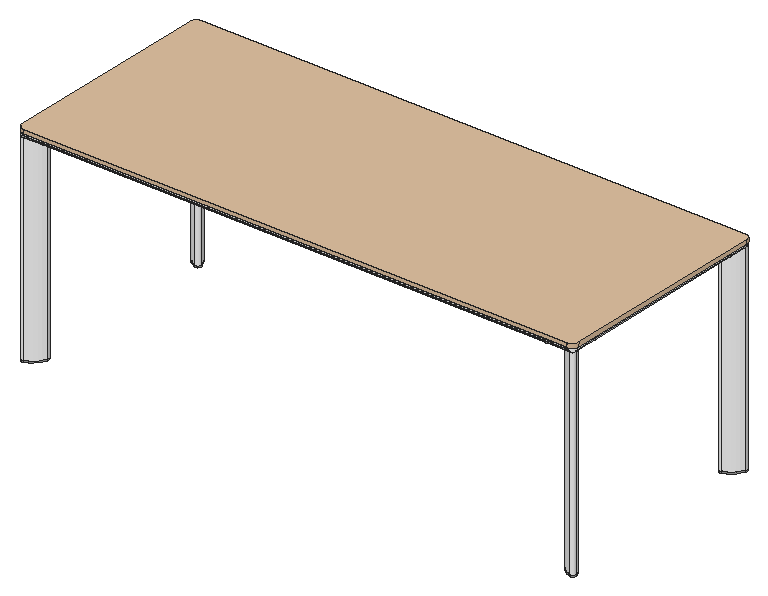
Revit family "FU_Table_Sandler_Laminar 0820", category Furniture, Revit 2020
Family settings
  OmniClass Number = 23.40.20.00
  OmniClass Title = General Furniture and Specialties
  Work Plane-Based = No
  Always vertical = Yes
  Cut with Voids When Loaded = No
  Shared = No
  Room Calculation Point = No
Parameters (values of type "Laminar 0820 (Dining Height)")
  Width = 2000 mm
  URL = "https://www.sandlerseating.com/product/laminar-0820/"
  Top [instance] = Wood - Oak - Natural - V
  Model = "Laminar 0820"
  Manufacturer = "Sandler"
  Height = 750 mm
  Frame [instance] = Lacquer - W1 - W01 White
  Description = "200cm x 80cm / 79″ x 32″ table on epoxy painted frame."
  Depth = 800 mm
  Default Elevation = 0 mm
Types (4, lengths in mm): name | Top | Height | Frame
  (no name) | Wood - Oak - Natural - V | 750 | Lacquer - W1 - W01 White
  Laminar 0820 (Dining Height) | Wood - Oak - Natural - V | 750 | Lacquer - W1 - W01 White
  Laminar 0820 (Counter Height) | Wood - Black Walnut | 900 | Epoxy - M2_V16
  Laminar 0820 (Bar Height) | HPL - Solid - White | 1050 | Epoxy - M1_B00 - Black
Reference planes
  plane 1 "Center (Front/Back)": y = 0
  plane 2: z = 0
  plane 3 "Center (Left/Right)": x = 0
  plane 4 "Right": x = -1000
  plane 5 "Left": x = 1000
  plane 6 "Back": y = 400
  plane 7 "Front": y = -400
  plane 8 "Height": z = 750
  plane 9 "Top Frame Base": z = 737
  plane 10 "Frame Edge Right TOP": x = -905
  plane 11 "Frame Edge Left TOP": x = 905
  plane 12 "Frame Edge Front TOP": y = -305
  plane 13 "Frame Edge Back TOP": y = 305
  plane 14 "Right Leg C TOP": x = -962.984
  plane 15 "Back Leg C TOP": y = 362.984
  plane 16 "Front Leg C TOP": y = -362.984
  plane 17 "Left C TOP": x = 962.984
  plane 18 "Glide Height": z = 6
  plane 19 "Frame Base FRONT": z = 696.108
Forms (mm)
  Extrusion 1, solid, material "Wood - Oak - Natural - V" <- "Top"
    sketch origin (0, 0, 750) x (-1, 0, 0) y (0, -1, 0)
      loop
        arc (975, -400) -> (992.678, -392.678) -> (1000, -375) r 25
        line (1000, -375) -> (1000, 375)
        arc (1000, 375) -> (992.678, 392.678) -> (975, 400) r 25
        line (975, 400) -> (-975, 400)
        arc (-975, 400) -> (-992.678, 392.678) -> (-1000, 375) r 25
        line (-1000, 375) -> (-1000, -375)
        arc (-1000, -375) -> (-992.678, -392.678) -> (-975, -400) r 25
        line (-975, -400) -> (975, -400)
    from 0 to -13
  Sweep 2, solid, material "Lacquer - W1 - W01 White" <- "Frame"
    path origin (0, 0, 737) x (-1, 0, 0) y (0, -1, 0)
      loop
        line (-905, 400) -> (905, 400)
    profile "Pro_Laminar_Frame : Pro_Laminar_Frame" origin (0, -400, 737) x (0, -1, 0) y (0, 0, 1)
      loop
        arc (-78.25, 0) -> (-78.959, -0.294) -> (-79.252, -1.003) r 1.003
        line (-79.252, -1.003) -> (-79.252, -40.038)
        arc (-79.252, -40.038) -> (-78.971, -40.718) -> (-78.29, -41) r 0.962
        line (-78.29, -41) -> (-56.47, -41)
        arc (-56.47, -41) -> (-49.536, -40.019) -> (-43.146, -37.154) r 25
        line (-43.146, -37.154) -> (-3.835, -12.393)
        arc (-3.835, -12.393) -> (-2.123, -10.579) -> (-1.5, -8.162) r 5
        line (-1.5, -8.162) -> (-1.5, -0.534)
        arc (-1.5, -0.534) -> (-1.656, -0.156) -> (-2.034, 0) r 0.534
        line (-2.034, 0) -> (-78.25, 0)
  Sweep 3, solid, material "Lacquer - W1 - W01 White" <- "Frame"
    path origin (0, 0, 737) x (-1, 0, 0) y (0, -1, 0)
      loop
        line (1000, 305) -> (1000, -305)
    profile "Pro_Laminar_Frame : Pro_Laminar_Frame" origin (-1000, 0, 737) x (-1, 0, 0) y (0, 0, 1)
      loop
        arc (-78.25, 0) -> (-78.959, -0.294) -> (-79.252, -1.003) r 1.003
        line (-79.252, -1.003) -> (-79.252, -40.038)
        arc (-79.252, -40.038) -> (-78.971, -40.718) -> (-78.29, -41) r 0.962
        line (-78.29, -41) -> (-56.47, -41)
        arc (-56.47, -41) -> (-49.536, -40.019) -> (-43.146, -37.154) r 25
        line (-43.146, -37.154) -> (-3.835, -12.393)
        arc (-3.835, -12.393) -> (-2.123, -10.579) -> (-1.5, -8.162) r 5
        line (-1.5, -8.162) -> (-1.5, -0.534)
        arc (-1.5, -0.534) -> (-1.656, -0.156) -> (-2.034, 0) r 0.534
        line (-2.034, 0) -> (-78.25, 0)
  Sweep 4, solid, material "Lacquer - W1 - W01 White" <- "Frame"
    path origin (0, 0, 737) x (-1, 0, 0) y (0, -1, 0)
      loop
        line (905, -400) -> (-905, -400)
    profile "Pro_Laminar_Frame : Pro_Laminar_Frame" origin (0, 400, 737) x (0, 1, 0) y (0, 0, 1)
      loop
        arc (-78.25, 0) -> (-78.959, -0.294) -> (-79.252, -1.003) r 1.003
        line (-79.252, -1.003) -> (-79.252, -40.038)
        arc (-79.252, -40.038) -> (-78.971, -40.718) -> (-78.29, -41) r 0.962
        line (-78.29, -41) -> (-56.47, -41)
        arc (-56.47, -41) -> (-49.536, -40.019) -> (-43.146, -37.154) r 25
        line (-43.146, -37.154) -> (-3.835, -12.393)
        arc (-3.835, -12.393) -> (-2.123, -10.579) -> (-1.5, -8.162) r 5
        line (-1.5, -8.162) -> (-1.5, -0.534)
        arc (-1.5, -0.534) -> (-1.656, -0.156) -> (-2.034, 0) r 0.534
        line (-2.034, 0) -> (-78.25, 0)
  Sweep 5, solid, material "Lacquer - W1 - W01 White" <- "Frame"
    path origin (0, 0, 737) x (-1, 0, 0) y (0, -1, 0)
      loop
        line (-1000, 305) -> (-1000, -305)
    profile "Pro_Laminar_Frame : Pro_Laminar_Frame" origin (1000, 0, 737) x (-1, 0, 0) y (0, 0, 1)
      loop
        line (78.25, 0) -> (2.034, 0)
        arc (2.034, 0) -> (1.656, -0.156) -> (1.5, -0.534) r 0.534
        line (1.5, -0.534) -> (1.5, -8.162)
        arc (1.5, -8.162) -> (2.123, -10.579) -> (3.835, -12.393) r 5
        line (3.835, -12.393) -> (43.146, -37.154)
        arc (43.146, -37.154) -> (49.536, -40.019) -> (56.47, -41) r 25
        line (56.47, -41) -> (78.29, -41)
        arc (78.29, -41) -> (78.971, -40.718) -> (79.252, -40.038) r 0.962
        line (79.252, -40.038) -> (79.252, -1.003)
        arc (79.252, -1.003) -> (78.959, -0.294) -> (78.25, 0) r 1.003
  Sweep 6, solid, material "Lacquer - W1 - W01 White" <- "Frame"
    path origin (0, 362.984, 0) x (1, 0, 0) y (0, 0, 1)
      loop
        line (-962.984, 6) -> (-962.984, 737)
    profile "Pro_Laminar_Leg : Pro_Laminar_Leg" origin (-962.984, 362.984, 371.5) x (-1, 0, 0) y (0, -1, 0)
      loop
        arc (-16.792, 30.86) -> (-28.302, 28.302) -> (-30.86, 16.792) r 10.982
        arc (-30.86, 16.792) -> (-12.33, -12.33) -> (16.792, -30.86) r 79.547
        arc (16.792, -30.86) -> (28.302, -28.302) -> (30.86, -16.792) r 10.982
        arc (30.86, -16.792) -> (12.33, 12.33) -> (-16.792, 30.86) r 79.547
  Sweep 7, solid, material "Lacquer - W1 - W01 White" <- "Frame"
    path origin (0, -362.984, 0) x (1, 0, 0) y (0, 0, 1)
      loop
        line (-962.984, 6) -> (-962.984, 737)
    profile "Pro_Laminar_Leg : Pro_Laminar_Leg" origin (-962.984, -362.984, 371.5) x (-1, 0, 0) y (0, -1, 0)
      loop
        arc (-30.86, -16.792) -> (-28.302, -28.302) -> (-16.792, -30.86) r 10.982
        arc (-16.792, -30.86) -> (12.33, -12.33) -> (30.86, 16.792) r 79.547
        arc (30.86, 16.792) -> (28.302, 28.302) -> (16.792, 30.86) r 10.982
        arc (16.792, 30.86) -> (-12.33, 12.33) -> (-30.86, -16.792) r 79.547
  Sweep 8, solid, material "Lacquer - W1 - W01 White" <- "Frame"
    path origin (0, -362.984, 0) x (1, 0, 0) y (0, 0, 1)
      loop
        line (962.984, 6) -> (962.984, 737)
    profile "Pro_Laminar_Leg : Pro_Laminar_Leg" origin (962.984, -362.984, 371.5) x (-1, 0, 0) y (0, -1, 0)
      loop
        arc (-16.792, 30.86) -> (-28.302, 28.302) -> (-30.86, 16.792) r 10.982
        arc (-30.86, 16.792) -> (-12.33, -12.33) -> (16.792, -30.86) r 79.547
        arc (16.792, -30.86) -> (28.302, -28.302) -> (30.86, -16.792) r 10.982
        arc (30.86, -16.792) -> (12.33, 12.33) -> (-16.792, 30.86) r 79.547
  Sweep 9, solid, material "Lacquer - W1 - W01 White" <- "Frame"
    path origin (0, 362.984, 0) x (1, 0, 0) y (0, 0, 1)
      loop
        line (962.984, 6) -> (962.984, 737)
    profile "Pro_Laminar_Leg : Pro_Laminar_Leg" origin (962.984, 362.984, 371.5) x (-1, 0, 0) y (0, -1, 0)
      loop
        arc (-30.86, -16.792) -> (-28.302, -28.302) -> (-16.792, -30.86) r 10.982
        arc (-16.792, -30.86) -> (12.33, -12.33) -> (30.86, 16.792) r 79.547
        arc (30.86, 16.792) -> (28.302, 28.302) -> (16.792, 30.86) r 10.982
        arc (16.792, 30.86) -> (-12.33, 12.33) -> (-30.86, -16.792) r 79.547
  Sweep 10, solid, material "Rubber, Black"
    path origin (0, 362.984, 0) x (1, 0, 0) y (0, 0, 1)
      loop
        line (962.984, 0) -> (962.984, 6)
    profile "Pro_Laminar_Leg : Pro_Laminar_Leg" origin (962.984, 362.984, 3) x (-1, 0, 0) y (0, -1, 0)
      loop
        arc (-30.86, -16.792) -> (-28.302, -28.302) -> (-16.792, -30.86) r 10.982
        arc (-16.792, -30.86) -> (12.33, -12.33) -> (30.86, 16.792) r 79.547
        arc (30.86, 16.792) -> (28.302, 28.302) -> (16.792, 30.86) r 10.982
        arc (16.792, 30.86) -> (-12.33, 12.33) -> (-30.86, -16.792) r 79.547
  Sweep 11, solid, material "Rubber, Black"
    path origin (0, 362.984, 0) x (1, 0, 0) y (0, 0, 1)
      loop
        line (-962.984, 0) -> (-962.984, 6)
    profile "Pro_Laminar_Leg : Pro_Laminar_Leg" origin (-962.984, 362.984, 3) x (-1, 0, 0) y (0, -1, 0)
      loop
        arc (-16.792, 30.86) -> (-28.302, 28.302) -> (-30.86, 16.792) r 10.982
        arc (-30.86, 16.792) -> (-12.33, -12.33) -> (16.792, -30.86) r 79.547
        arc (16.792, -30.86) -> (28.302, -28.302) -> (30.86, -16.792) r 10.982
        arc (30.86, -16.792) -> (12.33, 12.33) -> (-16.792, 30.86) r 79.547
  Sweep 12, solid, material "Rubber, Black"
    path origin (0, -362.984, 0) x (1, 0, 0) y (0, 0, 1)
      loop
        line (-962.984, 0) -> (-962.984, 6)
    profile "Pro_Laminar_Leg : Pro_Laminar_Leg" origin (-962.984, -362.984, 3) x (-1, 0, 0) y (0, -1, 0)
      loop
        arc (-30.86, -16.792) -> (-28.302, -28.302) -> (-16.792, -30.86) r 10.982
        arc (-16.792, -30.86) -> (12.33, -12.33) -> (30.86, 16.792) r 79.547
        arc (30.86, 16.792) -> (28.302, 28.302) -> (16.792, 30.86) r 10.982
        arc (16.792, 30.86) -> (-12.33, 12.33) -> (-30.86, -16.792) r 79.547
  Sweep 13, solid, material "Rubber, Black"
    path origin (0, -362.984, 0) x (1, 0, 0) y (0, 0, 1)
      loop
        line (962.984, 0) -> (962.984, 6)
    profile "Pro_Laminar_Leg : Pro_Laminar_Leg" origin (962.984, -362.984, 3) x (-1, 0, 0) y (0, -1, 0)
      loop
        arc (-16.792, 30.86) -> (-28.302, 28.302) -> (-30.86, 16.792) r 10.982
        arc (-30.86, 16.792) -> (-12.33, -12.33) -> (16.792, -30.86) r 79.547
        arc (16.792, -30.86) -> (28.302, -28.302) -> (30.86, -16.792) r 10.982
        arc (30.86, -16.792) -> (12.33, 12.33) -> (-16.792, 30.86) r 79.547
  Sweep 14, solid, material "Lacquer - W1 - W01 White" <- "Frame"
    path origin (0, 0, 737) x (-1, 0, 0) y (0, -1, 0)
      loop
        line (-905, 398.5) -> (-998.5, 398.5) -> (-998.5, 305)
    profile "Pro_Laminar_Frame : Pro_Laminar_Frame" origin (951.75, -398.5, 737) x (0, 1, 0) y (0, 0, 1)
      loop
        line (76.75, 0) -> (0.534, 0)
        arc (0.534, 0) -> (0.156, -0.156) -> (0, -0.534) r 0.534
        line (0, -0.534) -> (0, -8.162)
        arc (0, -8.162) -> (0.623, -10.579) -> (2.335, -12.393) r 5
        line (2.335, -12.393) -> (41.646, -37.154)
        arc (41.646, -37.154) -> (48.036, -40.019) -> (54.97, -41) r 25
        line (54.97, -41) -> (76.79, -41)
        arc (76.79, -41) -> (77.471, -40.718) -> (77.752, -40.038) r 0.962
        line (77.752, -40.038) -> (77.752, -1.003)
        arc (77.752, -1.003) -> (77.459, -0.294) -> (76.75, 0) r 1.003
  Extrusion 15, void
    sketch origin (0, 0, 737) x (-1, 0, 0) y (0, -1, 0)
      loop
        line (-974.12, 399.12) -> (-974.12, 414.12) -> (-1014.12, 414.12) -> (-1014.12, 374.12) -> (-999.12, 374.12)
        arc (-999.12, 374.12) -> (-991.798, 391.798) -> (-974.12, 399.12) r 25
    from -40.892 to 13
  Sweep 16, solid, material "Lacquer - W1 - W01 White" <- "Frame"
    path origin (0, 0, 737) x (1, 0, 0) y (0, -1, 0)
      loop
        line (-905, 398.5) -> (-998.5, 398.5) -> (-998.5, 305)
    profile "Pro_Laminar_Frame : Pro_Laminar_Frame" origin (-951.75, -398.5, 737) x (0, -1, 0) y (0, 0, 1)
      loop
        arc (-76.75, 0) -> (-77.459, -0.294) -> (-77.752, -1.003) r 1.003
        line (-77.752, -1.003) -> (-77.752, -40.038)
        arc (-77.752, -40.038) -> (-77.471, -40.718) -> (-76.79, -41) r 0.962
        line (-76.79, -41) -> (-54.97, -41)
        arc (-54.97, -41) -> (-48.036, -40.019) -> (-41.646, -37.154) r 25
        line (-41.646, -37.154) -> (-2.335, -12.393)
        arc (-2.335, -12.393) -> (-0.623, -10.579) -> (0, -8.162) r 5
        line (0, -8.162) -> (0, -0.534)
        arc (0, -0.534) -> (-0.156, -0.156) -> (-0.534, 0) r 0.534
        line (-0.534, 0) -> (-76.75, 0)
  Sweep 17, solid, material "Lacquer - W1 - W01 White" <- "Frame"
    path origin (0, 0, 737) x (1, 0, 0) y (0, 1, 0)
      loop
        line (-905, 398.5) -> (-998.5, 398.5) -> (-998.5, 305)
    profile "Pro_Laminar_Frame : Pro_Laminar_Frame" origin (-951.75, 398.5, 737) x (0, -1, 0) y (0, 0, 1)
      loop
        line (76.75, 0) -> (0.534, 0)
        arc (0.534, 0) -> (0.156, -0.156) -> (0, -0.534) r 0.534
        line (0, -0.534) -> (0, -8.162)
        arc (0, -8.162) -> (0.623, -10.579) -> (2.335, -12.393) r 5
        line (2.335, -12.393) -> (41.646, -37.154)
        arc (41.646, -37.154) -> (48.036, -40.019) -> (54.97, -41) r 25
        line (54.97, -41) -> (76.79, -41)
        arc (76.79, -41) -> (77.471, -40.718) -> (77.752, -40.038) r 0.962
        line (77.752, -40.038) -> (77.752, -1.003)
        arc (77.752, -1.003) -> (77.459, -0.294) -> (76.75, 0) r 1.003
  Sweep 18, solid, material "Lacquer - W1 - W01 White" <- "Frame"
    path origin (0, 0, 737) x (-1, 0, 0) y (0, 1, 0)
      loop
        line (-905, 398.5) -> (-998.5, 398.5) -> (-998.5, 305)
    profile "Pro_Laminar_Frame : Pro_Laminar_Frame" origin (951.75, 398.5, 737) x (0, 1, 0) y (0, 0, 1)
      loop
        arc (-76.75, 0) -> (-77.459, -0.294) -> (-77.752, -1.003) r 1.003
        line (-77.752, -1.003) -> (-77.752, -40.038)
        arc (-77.752, -40.038) -> (-77.471, -40.718) -> (-76.79, -41) r 0.962
        line (-76.79, -41) -> (-54.97, -41)
        arc (-54.97, -41) -> (-48.036, -40.019) -> (-41.646, -37.154) r 25
        line (-41.646, -37.154) -> (-2.335, -12.393)
        arc (-2.335, -12.393) -> (-0.623, -10.579) -> (0, -8.162) r 5
        line (0, -8.162) -> (0, -0.534)
        arc (0, -0.534) -> (-0.156, -0.156) -> (-0.534, 0) r 0.534
        line (-0.534, 0) -> (-76.75, 0)
  Extrusion 19, void
    sketch origin (0, 0, 737) x (1, 0, 0) y (0, 1, 0)
      loop
        arc (-974.12, -399.12) -> (-991.798, -391.798) -> (-999.12, -374.12) r 25
        line (-999.12, -374.12) -> (-1014.12, -374.12) -> (-1014.12, -414.12) -> (-974.12, -414.12) -> (-974.12, -399.12)
    from -40.892 to 13
  Extrusion 20, void
    sketch origin (0, 0, 737) x (1, 0, 0) y (0, 1, 0)
      loop
        line (-974.12, 399.12) -> (-974.12, 414.12) -> (-1014.12, 414.12) -> (-1014.12, 374.12) -> (-999.12, 374.12)
        arc (-999.12, 374.12) -> (-991.798, 391.798) -> (-974.12, 399.12) r 25
    from -40.892 to 13
  Extrusion 21, void
    sketch origin (0, 0, 737) x (-1, 0, 0) y (0, -1, 0)
      loop
        arc (-974.12, -399.12) -> (-991.798, -391.798) -> (-999.12, -374.12) r 25
        line (-999.12, -374.12) -> (-1014.12, -374.12) -> (-1014.12, -414.12) -> (-974.12, -414.12) -> (-974.12, -399.12)
    from -40.892 to 13
Cuts and joins
  Extrusion 20 cuts Sweep 17
  Extrusion 21 cuts Sweep 18
  Extrusion 15 cuts Sweep 14
  Extrusion 19 cuts Sweep 16
Dimensions and locks
  equal spacing: plane 4 "Right", plane 3 "Center (Left/Right)", plane 5 "Left"
  "Width": plane 4 "Right" to plane 5 "Left"
  equal spacing: plane 6 "Back", plane 1 "Center (Front/Back)", plane 7 "Front"
  "Depth": plane 6 "Back" to plane 7 "Front"
  "Height": plane 8 "Height" to level
  locked: plane 8 "Height" to plane 9 "Top Frame Base" at 13
  plane 4 "Right" to plane 14 "Right Leg C TOP" to plane 10 "Frame Edge Right TOP" = 37.016 mm locked, 57.984 mm locked
  plane 12 "Frame Edge Front TOP" to plane 16 "Front Leg C TOP" to plane 7 "Front" = 57.984 mm locked, 37.016 mm locked
  plane 6 "Back" to plane 15 "Back Leg C TOP" to plane 13 "Frame Edge Back TOP" = 37.016 mm locked, 57.984 mm locked
  plane 11 "Frame Edge Left TOP" to plane 17 "Left C TOP" to plane 5 "Left" = 57.984 mm locked, 37.016 mm locked
  locked: plane 18 "Glide Height" to plane 2 at 6
  aligned and locked: level to plane 2
  aligned and locked: plane 10 "Frame Edge Right TOP" to Sweep 2 sketch curve
  aligned and locked: plane 11 "Frame Edge Left TOP" to Sweep 2 sketch curve
  aligned and locked: plane 13 "Frame Edge Back TOP" to Sweep 3 sketch curve
  aligned and locked: plane 4 "Right" to Sweep 3 sketch curve
  aligned and locked: plane 10 "Frame Edge Right TOP" to Sweep 4 sketch curve
  aligned and locked: plane 11 "Frame Edge Left TOP" to Sweep 4 sketch curve
  aligned and locked: plane 13 "Frame Edge Back TOP" to Sweep 5 sketch curve
  aligned and locked: plane 12 "Frame Edge Front TOP" to Sweep 5 sketch curve
  aligned and locked: Extrusion 1 sketch curve to plane 4 "Right"
  aligned and locked: Extrusion 1 sketch curve to plane 6 "Back"
  aligned and locked: plane 7 "Front" to Extrusion 1 sketch curve
  aligned and locked: plane 5 "Left" to Extrusion 1 sketch curve
  aligned and locked: plane 9 "Top Frame Base" to Sweep 6 sketch curve
  aligned and locked: plane 18 "Glide Height" to Sweep 6 sketch curve
  aligned and locked: plane 9 "Top Frame Base" to Sweep 7 sketch curve
  aligned and locked: plane 18 "Glide Height" to Sweep 7 sketch curve
  aligned and locked: plane 9 "Top Frame Base" to Sweep 8 sketch curve
  aligned and locked: plane 18 "Glide Height" to Sweep 8 sketch curve
  aligned and locked: plane 9 "Top Frame Base" to Sweep 9 sketch curve
  aligned and locked: plane 18 "Glide Height" to Sweep 9 sketch curve
  aligned and locked: plane 18 "Glide Height" to Sweep 10 sketch curve
  aligned and locked: plane 2 to Sweep 10 sketch curve
  aligned and locked: plane 18 "Glide Height" to Sweep 11 sketch curve
  aligned and locked: plane 2 to Sweep 11 sketch curve
  aligned and locked: plane 2 to Sweep 12 sketch curve
  aligned and locked: plane 18 "Glide Height" to Sweep 12 sketch curve
  aligned and locked: plane 2 to Sweep 13 sketch curve
  aligned and locked: plane 18 "Glide Height" to Sweep 13 sketch curve
  aligned and locked: Extrusion 15 to plane 19 "Frame Base FRONT"
  aligned and locked: plane 8 "Height" to Extrusion 15
  aligned and locked: Sweep 18 to plane 11 "Frame Edge Left TOP"
  aligned and locked: Sweep 18 to plane 13 "Frame Edge Back TOP"
  aligned and locked: Sweep 14 to plane 12 "Frame Edge Front TOP"
  aligned and locked: Sweep 14 to plane 11 "Frame Edge Left TOP"
  aligned and locked: Sweep 16 to plane 10 "Frame Edge Right TOP"
  aligned and locked: Sweep 16 to plane 12 "Frame Edge Front TOP"
  aligned and locked: Sweep 17 to plane 13 "Frame Edge Back TOP"
  aligned and locked: Sweep 17 to plane 10 "Frame Edge Right TOP"
Automatic sketch dimensions
  Extrusion 1 sketch curve to plane 15 "Back Leg C TOP" = 12.016 mm
  Extrusion 1 sketch curve to plane 17 "Left C TOP" = 12.016 mm
  plane 14 "Right Leg C TOP" to Extrusion 1 sketch curve = 12.016 mm  (x2)
  Sweep 2 sketch curve to plane 7 "Front" = 0 mm
  plane 12 "Frame Edge Front TOP" to Sweep 3 sketch curve = 0 mm
  Sweep 4 sketch curve to plane 6 "Back" = 0 mm
  Sweep 5 sketch curve to plane 5 "Left" = 0 mm
  plane 14 "Right Leg C TOP" to Sweep 6 sketch curve = 0 mm
  plane 14 "Right Leg C TOP" to Sweep 7 sketch curve = 0 mm
  plane 17 "Left C TOP" to Sweep 8 sketch curve = 0 mm
  plane 17 "Left C TOP" to Sweep 9 sketch curve = 0 mm
  plane 17 "Left C TOP" to Sweep 10 sketch curve = 0 mm
  plane 14 "Right Leg C TOP" to Sweep 11 sketch curve = 0 mm
  plane 14 "Right Leg C TOP" to Sweep 12 sketch curve = 0 mm
  plane 17 "Left C TOP" to Sweep 13 sketch curve = 0 mm
  plane 12 "Frame Edge Front TOP" to Sweep 14 sketch curve = 0 mm
  Sweep 14 sketch curve to plane 11 "Frame Edge Left TOP" = 0 mm
  plane 5 "Left" to Sweep 14 sketch curve = 1.5 mm
  plane 7 "Front" to Sweep 14 sketch curve = 1.5 mm
  Extrusion 15 sketch curve to plane 5 "Left" = 14.12 mm
  plane 5 "Left" to Extrusion 15 sketch curve = 0.88 mm
  plane 7 "Front" to Extrusion 15 sketch curve = 0.88 mm
  Extrusion 15 sketch curve to plane 17 "Left C TOP" = 11.136 mm
  Extrusion 15 sketch curve to plane 7 "Front" = 14.12 mm
  plane 12 "Frame Edge Front TOP" to Sweep 16 sketch curve = 0 mm
  Sweep 16 sketch curve to plane 10 "Frame Edge Right TOP" = 0 mm
  plane 4 "Right" to Sweep 16 sketch curve = 1.5 mm
  Sweep 16 sketch curve to plane 7 "Front" = 1.5 mm
  Sweep 17 sketch curve to plane 13 "Frame Edge Back TOP" = 0 mm
  Sweep 17 sketch curve to plane 10 "Frame Edge Right TOP" = 0 mm
  Sweep 17 sketch curve to plane 4 "Right" = 1.5 mm
  Sweep 17 sketch curve to plane 6 "Back" = 1.5 mm
  Sweep 18 sketch curve to plane 13 "Frame Edge Back TOP" = 0 mm
  Sweep 18 sketch curve to plane 11 "Frame Edge Left TOP" = 0 mm
  Sweep 18 sketch curve to plane 5 "Left" = 1.5 mm
  plane 6 "Back" to Sweep 18 sketch curve = 1.5 mm
  Extrusion 19 sketch curve to plane 4 "Right" = 14.12 mm
  plane 4 "Right" to Extrusion 19 sketch curve = 0.88 mm
  Extrusion 19 sketch curve to plane 7 "Front" = 0.88 mm
  Extrusion 19 sketch curve to plane 14 "Right Leg C TOP" = 11.136 mm
  plane 7 "Front" to Extrusion 19 sketch curve = 14.12 mm
  plane 4 "Right" to Extrusion 20 sketch curve = 14.12 mm
  Extrusion 20 sketch curve to plane 4 "Right" = 0.88 mm
  Extrusion 20 sketch curve to plane 6 "Back" = 0.88 mm
  plane 14 "Right Leg C TOP" to Extrusion 20 sketch curve = 11.136 mm
  plane 6 "Back" to Extrusion 20 sketch curve = 14.12 mm
  plane 5 "Left" to Extrusion 21 sketch curve = 14.12 mm
  Extrusion 21 sketch curve to plane 5 "Left" = 0.88 mm
  plane 6 "Back" to Extrusion 21 sketch curve = 0.88 mm
  plane 17 "Left C TOP" to Extrusion 21 sketch curve = 11.136 mm
  Extrusion 21 sketch curve to plane 6 "Back" = 14.12 mm
